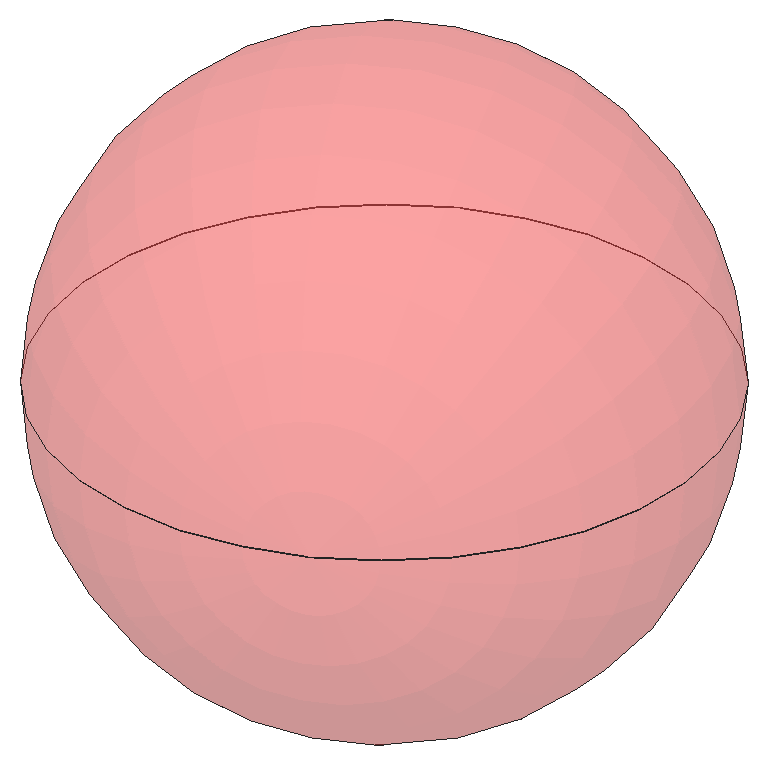
Revit family "Сфера", category Обобщенные модели, Revit 2020
Family settings
  Может служить основой для арматурных стержней = Нет
  Размер круглого соединителя = Использовать диаметр
  Тип детали = Нормальный
  На основе рабочей плоскости = Нет
  Всегда вертикально = Да
  При загрузке вырезать с полостями = Нет
  Общий = Нет
  Точка расчета площади = Нет
Parameters
  Отметка по умолчанию = 0 mm
Reference planes
  plane 1 "По центру (Вперед/Назад)": y = 0
  plane 2: z = 400
  plane 3 "По центру (Влево/Вправо)": x = 0
  plane 4: x = -1000
  plane 5: y = -1000
  plane 6: x = 1000
  plane 7: y = 1000
Forms (mm)
  Revolve 1, solid, material "Сфера"
    sketch origin (0, 0, 1000) x (1, 0, 0) y (0, 1, 0)
      loop
        line (-453.99, 891.007) -> (453.99, -891.007)
        arc (453.99, -891.007) -> (891.007, 453.99) -> (-453.99, 891.007) r 1000
      axis (-453.99, 891.007) -> (453.99, -891.007)
    angle from 0 to 360
Dimensions and locks
  plane 7 to plane 1 "По центру (Вперед/Назад)" to plane 5 = 1000 mm, 1000 mm
  plane 4 to plane 3 "По центру (Влево/Вправо)" to plane 6 = 1000 mm, 1000 mm
